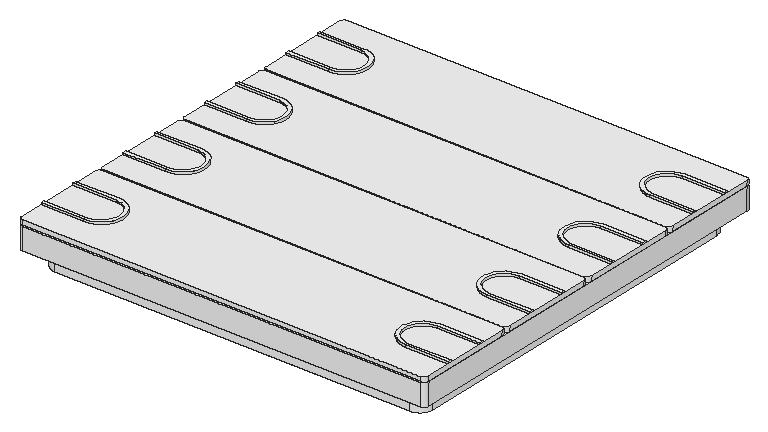
Revit family "Gira_5004003", category Electrical Fixtures, host Face, Revit 2017
Family settings
  Host = Face
  Maintain Annotation Orientation = No
  Round Connector Dimension = Use Diameter
  Part Type = Normal
  Cut with Voids When Loaded = No
  Shared = No
  Room Calculation Point = No
Parameters (values of type "KNX PB sens.4 Komfort 4-g TS4 white")
  With room temperature controller = no
  With label area = no
  With display = no
  With anti-theft/dismantling protection = yes
  With IR sensor = no
  White = White
  URL = "https://www.gira.de/"
  Type Comments = ""
  Transparent = no
  Radio frequent bidirectional = no
  Number of buttons = 4
  Model = ""
  Manufacturer = "Gira"
  Keynote = ""
  HeinzeBIM = "https://www.heinze.de/bim/knx-pb-sens-4-komfort-4-g-ts4-white/3601bf5b1ae15397536d19f44fb3cb761dd9e395"
  HAN = "5004003"
  GTIN = "4010337070627"
  Description = ""
  Default Elevation = 1219.2 mm
  Cost = 0
  Colour = "White"
  Bus connection included = yes
  BIMSITE_PRODUCT_ID = "3601bf5b1ae15397536d19f44fb3cb761dd9e395"
  BIM = "https://media.live.bim.site/t/eyJhbGciOiJIUzI1NiIsInR5cCI6IkpXVCJ9.eyJjdCI6MSwidGYiOiJwdWJsaWMvZ2lyYS8wOWY1ZGI1LzQwXzUwMDEwMCBUUzQgNGZhY2gucmZhIiwiY2lkIjoiZmVkOThlOWEtMWJkOC00YzY4LWE3M2ItNzRhOTRlMzE1ODIzIiwicmlkIjoiZjE4MjZhOTdhNzZiM2VkMmQ3OTE5YzEyZjMyMDlmZDciLCJwaWQiOiIzNjAxYmY1YjFhZTE1Mzk3NTM2ZDE5ZjQ0ZmIzY2I3NjFkZDllMzk1Iiwic2lkIjoiNjM0NzAiLCJ1dCI6NSwibGMiOiJlbiIsImlhdCI6MTYwNzQzODQ2NywiaXNzIjoiaHR0cHM6Ly9hcGkubGl2ZS5iaW0uc2l0ZSIsInN1YiI6IjhkM2FhNWNiLWUwNjYtNDU5OC1iZTE2LTZlMTZlZTc0OTU2YSJ9.-XGPKlpQaUlRjFNRoEYJy9cXrdST41hTgOfGZxH1ZxQ/40_500100 TS4 4fach.rfa"
  Assembly Code = ""
Reference planes
  plane 1 "Center (Front/Back)": y = 0
  plane 2: z = 0
  plane 3 "Center (Left/Right)": x = 0
Forms (mm)
  Extrusion 1, solid, material "White", detail levels fine
    sketch origin (0, 0, 0) x (1, 0, 0) y (0, 1, 0)
      loop
        line (25.45, 35.45) -> (-25.45, 35.45)
        arc (-25.45, 35.45) -> (-32.521, 32.521) -> (-35.45, 25.45) r 10
        line (-35.45, 25.45) -> (-35.45, -25.45)
        arc (-35.45, -25.45) -> (-32.521, -32.521) -> (-25.45, -35.45) r 10
        line (-25.45, -35.45) -> (25.45, -35.45)
        arc (25.45, -35.45) -> (32.521, -32.521) -> (35.45, -25.45) r 10
        line (35.45, -25.45) -> (35.45, 25.45)
        arc (35.45, 25.45) -> (32.521, 32.521) -> (25.45, 35.45) r 10
      loop
        arc (-31.325, 28.496) -> (-31.325, 25.668) -> (-28.496, 25.668) r 2
        line (-28.496, 25.668) -> (-25.668, 28.496)
        arc (-25.668, 28.496) -> (-25.668, 31.325) -> (-28.496, 31.325) r 2
        line (-28.496, 31.325) -> (-31.325, 28.496)
      loop
        arc (-28.496, -31.325) -> (-25.668, -31.325) -> (-25.668, -28.496) r 2
        line (-25.668, -28.496) -> (-28.496, -25.668)
        arc (-28.496, -25.668) -> (-31.325, -25.668) -> (-31.325, -28.496) r 2
        line (-31.325, -28.496) -> (-28.496, -31.325)
      loop
        line (31.325, 28.496) -> (28.496, 31.325)
        arc (28.496, 31.325) -> (25.668, 31.325) -> (25.668, 28.496) r 2
        line (25.668, 28.496) -> (28.496, 25.668)
        arc (28.496, 25.668) -> (31.325, 25.668) -> (31.325, 28.496) r 2
      loop
        line (28.496, -31.325) -> (31.325, -28.496)
        arc (31.325, -28.496) -> (31.325, -25.668) -> (28.496, -25.668) r 2
        line (28.496, -25.668) -> (25.668, -28.496)
        arc (25.668, -28.496) -> (25.668, -31.325) -> (28.496, -31.325) r 2
      loop
        line (-13.39, 22.831) -> (-22.831, 13.39) -> (-22.831, -13.39) -> (-13.39, -22.831) -> (13.39, -22.831) -> (22.831, -13.39) -> (22.831, 13.39) -> (13.39, 22.831) -> (-13.39, 22.831)
      loop
        arc (-1.681, 31.793) -> (-6.669, 29.581) -> (-1.417, 28.102) r 2.9
        arc (-1.417, 28.102) -> (2.178, 28.079) -> (5.741, 27.6) r 28.291
        arc (5.741, 27.6) -> (7.553, 29.282) -> (6.077, 31.265) r 1.851
        arc (6.077, 31.265) -> (2.215, 31.784) -> (-1.681, 31.793) r 29.64
      loop
        arc (1.681, -31.793) -> (6.669, -29.581) -> (1.417, -28.102) r 2.9
        arc (1.417, -28.102) -> (-2.178, -28.079) -> (-5.741, -27.6) r 28.291
        arc (-5.741, -27.6) -> (-7.553, -29.282) -> (-6.077, -31.265) r 1.851
        arc (-6.077, -31.265) -> (-2.215, -31.784) -> (1.681, -31.793) r 29.64
      loop
        arc (-31.793, -1.681) -> (-29.581, -6.669) -> (-28.102, -1.417) r 2.9
        arc (-28.102, -1.417) -> (-28.079, 2.178) -> (-27.6, 5.741) r 28.291
        arc (-27.6, 5.741) -> (-29.282, 7.553) -> (-31.265, 6.077) r 1.851
        arc (-31.265, 6.077) -> (-31.784, 2.215) -> (-31.793, -1.681) r 29.64
      loop
        arc (31.793, 1.681) -> (29.581, 6.669) -> (28.102, 1.417) r 2.9
        arc (28.102, 1.417) -> (28.079, -2.178) -> (27.6, -5.741) r 28.291
        arc (27.6, -5.741) -> (29.282, -7.553) -> (31.265, -6.077) r 1.851
        arc (31.265, -6.077) -> (31.784, -2.215) -> (31.793, 1.681) r 29.64
    from 0 to -1
  Extrusion 2, solid, material "White", detail levels medium+fine
    sketch origin (0, 0, 0) x (1, 0, 0) y (0, 1, 0)
      loop
        line (-22.831, 13.39) -> (-22.831, -13.39) -> (-13.39, -22.831) -> (13.39, -22.831) -> (22.831, -13.39) -> (22.831, 13.39) -> (13.39, 22.831) -> (-13.39, 22.831) -> (-22.831, 13.39)
    from 0 to -15.5
  Extrusion 3, solid, material "White", detail levels medium
    sketch origin (0, 0, 0) x (1, 0, 0) y (0, 1, 0)
      loop
        line (35.45, 35.45) -> (-35.45, 35.45) -> (-35.45, -35.45) -> (35.45, -35.45) -> (35.45, 35.45)
    from 0 to -1
  Extrusion 4, solid, material "White" <- "White", detail levels fine
    sketch origin (0, 0, 0) x (1, 0, 0) y (0, 1, 0)
      loop
        arc (-41.4, 44.4) -> (-43.521, 43.521) -> (-44.4, 41.4) r 3
        line (-44.4, 41.4) -> (-44.4, -41.4)
        arc (-44.4, -41.4) -> (-43.521, -43.521) -> (-41.4, -44.4) r 3
        line (-41.4, -44.4) -> (41.4, -44.4)
        arc (41.4, -44.4) -> (43.521, -43.521) -> (44.4, -41.4) r 3
        line (44.4, -41.4) -> (44.4, 41.4)
        arc (44.4, 41.4) -> (43.521, 43.521) -> (41.4, 44.4) r 3
        line (41.4, 44.4) -> (-41.4, 44.4)
      loop
        arc (-42.4, -41.4) -> (-42.107, -42.107) -> (-41.4, -42.4) r 1
        line (-41.4, -42.4) -> (41.4, -42.4)
        arc (41.4, -42.4) -> (42.107, -42.107) -> (42.4, -41.4) r 1
        line (42.4, -41.4) -> (42.4, 41.4)
        arc (42.4, 41.4) -> (42.107, 42.107) -> (41.4, 42.4) r 1
        line (41.4, 42.4) -> (-41.4, 42.4)
        arc (-41.4, 42.4) -> (-42.107, 42.107) -> (-42.4, 41.4) r 1
        line (-42.4, 41.4) -> (-42.4, -41.4)
    from 0 to 4
  Extrusion 5, solid, material "White" <- "White", detail levels medium
    sketch origin (0, 0, 0) x (1, 0, 0) y (0, 1, 0)
      loop
        line (-44.4, 44.4) -> (-44.4, -44.4) -> (44.4, -44.4) -> (44.4, 44.4) -> (-44.4, 44.4)
    from 0 to 4
  Extrusion 6, solid, material "White" <- "White", detail levels fine
    sketch origin (0, 0, 0) x (1, 0, 0) y (0, 1, 0)
      loop
        line (-46.5, -47.5) -> (46.5, -47.5)
        arc (46.5, -47.5) -> (47.207, -47.207) -> (47.5, -46.5) r 1
        line (47.5, -46.5) -> (47.5, 46.5)
        arc (47.5, 46.5) -> (47.207, 47.207) -> (46.5, 47.5) r 1
        line (46.5, 47.5) -> (-46.5, 47.5)
        arc (-46.5, 47.5) -> (-47.207, 47.207) -> (-47.5, 46.5) r 1
        line (-47.5, 46.5) -> (-47.5, -46.5)
        arc (-47.5, -46.5) -> (-47.207, -47.207) -> (-46.5, -47.5) r 1
    from 4 to 9
  Extrusion 7, solid, material "White" <- "White", detail levels medium
    sketch origin (0, 0, 0) x (1, 0, 0) y (0, 1, 0)
      loop
        line (-47.5, -47.5) -> (47.5, -47.5) -> (47.5, -23.957) -> (-47.5, -23.947) -> (-47.5, -47.5)
      loop
        line (-47.5, -23.647) -> (47.5, -23.657) -> (47.5, -0.2) -> (-47.5, -0.2) -> (-47.5, -23.647)
      loop
        line (-47.5, 47.5) -> (-47.5, 23.947) -> (47.5, 23.957) -> (47.5, 47.5) -> (-47.5, 47.5)
      loop
        line (-47.5, 23.647) -> (-47.5, 0.2) -> (47.5, 0.2) -> (47.5, 23.657) -> (-47.5, 23.647)
    from 4 to 10.7
  Extrusion 8, solid, material "White" <- "White", detail levels fine
    sketch origin (0, 0, 0) x (1, 0, 0) y (0, 1, 0)
      loop
        line (47.5, 24.957) -> (47.5, 46.5)
        arc (47.5, 46.5) -> (47.207, 47.207) -> (46.5, 47.5) r 1
        line (46.5, 47.5) -> (-46.5, 47.5)
        arc (-46.5, 47.5) -> (-47.207, 47.207) -> (-47.5, 46.5) r 1
        line (-47.5, 46.5) -> (-47.5, 24.947)
        arc (-47.5, 24.947) -> (-47.207, 24.24) -> (-46.5, 23.947) r 1
        line (-46.5, 23.947) -> (46.5, 23.957)
        arc (46.5, 23.957) -> (47.207, 24.25) -> (47.5, 24.957) r 1
      loop
        line (-46.5, 0.2) -> (46.5, 0.2)
        arc (46.5, 0.2) -> (47.207, 0.493) -> (47.5, 1.2) r 1
        line (47.5, 1.2) -> (47.5, 22.657)
        arc (47.5, 22.657) -> (47.207, 23.364) -> (46.5, 23.657) r 1
        line (46.5, 23.657) -> (-46.5, 23.647)
        arc (-46.5, 23.647) -> (-47.207, 23.354) -> (-47.5, 22.647) r 1
        line (-47.5, 22.647) -> (-47.5, 1.2)
        arc (-47.5, 1.2) -> (-47.207, 0.493) -> (-46.5, 0.2) r 1
      loop
        arc (47.5, -24.957) -> (47.207, -24.25) -> (46.5, -23.957) r 1
        line (46.5, -23.957) -> (-46.5, -23.947)
        arc (-46.5, -23.947) -> (-47.207, -24.24) -> (-47.5, -24.947) r 1
        line (-47.5, -24.947) -> (-47.5, -46.5)
        arc (-47.5, -46.5) -> (-47.207, -47.207) -> (-46.5, -47.5) r 1
        line (-46.5, -47.5) -> (46.5, -47.5)
        arc (46.5, -47.5) -> (47.207, -47.207) -> (47.5, -46.5) r 1
        line (47.5, -46.5) -> (47.5, -24.957)
      loop
        arc (-46.5, -0.2) -> (-47.207, -0.493) -> (-47.5, -1.2) r 1
        line (-47.5, -1.2) -> (-47.5, -22.647)
        arc (-47.5, -22.647) -> (-47.207, -23.354) -> (-46.5, -23.647) r 1
        line (-46.5, -23.647) -> (46.5, -23.657)
        arc (46.5, -23.657) -> (47.207, -23.364) -> (47.5, -22.657) r 1
        line (47.5, -22.657) -> (47.5, -1.2)
        arc (47.5, -1.2) -> (47.207, -0.493) -> (46.5, -0.2) r 1
        line (46.5, -0.2) -> (-46.5, -0.2)
    from 9.3 to 10.3
  Extrusion 9, solid, material "White" <- "White", detail levels fine
    sketch origin (0, 0, 0) x (1, 0, 0) y (0, 1, 0)
      loop
        line (-37.5, 40.697) -> (-47.5, 40.697) -> (-47.5, 39.897) -> (-37.5, 39.897)
        arc (-37.5, 39.897) -> (-33.3, 35.697) -> (-37.5, 31.497) r 4.2
        line (-37.5, 31.497) -> (-47.5, 31.497) -> (-47.5, 30.697) -> (-37.5, 30.697)
        arc (-37.5, 30.697) -> (-32.5, 35.697) -> (-37.5, 40.697) r 5
      loop
        arc (37.5, 40.697) -> (32.5, 35.697) -> (37.5, 30.697) r 5
        line (37.5, 30.697) -> (47.5, 30.697) -> (47.5, 31.497) -> (37.5, 31.497)
        arc (37.5, 31.497) -> (33.3, 35.697) -> (37.5, 39.897) r 4.2
        line (37.5, 39.897) -> (47.5, 39.897) -> (47.5, 40.697) -> (37.5, 40.697)
      loop
        arc (-37.5, -16.883) -> (-32.5, -11.883) -> (-37.5, -6.883) r 5
        line (-37.5, -6.883) -> (-47.5, -6.883) -> (-47.5, -7.683) -> (-37.5, -7.683)
        arc (-37.5, -7.683) -> (-33.3, -11.883) -> (-37.5, -16.083) r 4.2
        line (-37.5, -16.083) -> (-47.5, -16.083) -> (-47.5, -16.883) -> (-37.5, -16.883)
      loop
        line (37.5, -16.883) -> (47.5, -16.883) -> (47.5, -16.083) -> (37.5, -16.083)
        arc (37.5, -16.083) -> (33.3, -11.883) -> (37.5, -7.683) r 4.2
        line (37.5, -7.683) -> (47.5, -7.683) -> (47.5, -6.883) -> (37.5, -6.883)
        arc (37.5, -6.883) -> (32.5, -11.883) -> (37.5, -16.883) r 5
      loop
        arc (-37.5, -40.697) -> (-32.5, -35.697) -> (-37.5, -30.697) r 5
        line (-37.5, -30.697) -> (-47.5, -30.697) -> (-47.5, -31.497) -> (-37.5, -31.497)
        arc (-37.5, -31.497) -> (-33.3, -35.697) -> (-37.5, -39.897) r 4.2
        line (-37.5, -39.897) -> (-47.5, -39.897) -> (-47.5, -40.697) -> (-37.5, -40.697)
      loop
        line (37.5, -40.697) -> (47.5, -40.697) -> (47.5, -39.897) -> (37.5, -39.897)
        arc (37.5, -39.897) -> (33.3, -35.697) -> (37.5, -31.497) r 4.2
        line (37.5, -31.497) -> (47.5, -31.497) -> (47.5, -30.697) -> (37.5, -30.697)
        arc (37.5, -30.697) -> (32.5, -35.697) -> (37.5, -40.697) r 5
      loop
        line (-37.5, 16.883) -> (-47.5, 16.883) -> (-47.5, 16.083) -> (-37.5, 16.083)
        arc (-37.5, 16.083) -> (-33.3, 11.883) -> (-37.5, 7.683) r 4.2
        line (-37.5, 7.683) -> (-47.5, 7.683) -> (-47.5, 6.883) -> (-37.5, 6.883)
        arc (-37.5, 6.883) -> (-32.5, 11.883) -> (-37.5, 16.883) r 5
      loop
        arc (37.5, 16.883) -> (32.5, 11.883) -> (37.5, 6.883) r 5
        line (37.5, 6.883) -> (47.5, 6.883) -> (47.5, 7.683) -> (37.5, 7.683)
        arc (37.5, 7.683) -> (33.3, 11.883) -> (37.5, 16.083) r 4.2
        line (37.5, 16.083) -> (47.5, 16.083) -> (47.5, 16.883) -> (37.5, 16.883)
    from 9.5 to 10.7
  Extrusion 10, solid, material "White" <- "White", detail levels coarse
    sketch origin (0, 0, 0) x (1, 0, 0) y (0, 1, 0)
      loop
        line (-47.5, -47.5) -> (47.5, -47.5) -> (47.5, 47.5) -> (-47.5, 47.5) -> (-47.5, -47.5)
    from -15.4 to 10.7
Lines and regions (mm)
  reference lines
    curve 1: line (0, 47.5, 0) -> (0, -47.5, 0)
    curve 2: line (-47.5, 0, 0) -> (47.5, 0, 0)
Dimensions and locks
  aligned and locked: plane 2 to host face
  aligned and locked: level to host face
Connectors
  electrical at (0, 0, -15.5)
    settings: on Extrusion 2, index 1, voltage 220 V, apparent load 0 VA, apparent load phase1 0 VA, apparent load phase2 0 VA, apparent load phase3 0 VA, power factor 1, load classification "Other", number of poles 1, system type 31, power factor state 1, is connector primary yes, connector utility no, sub classification motor no, connector description ""
